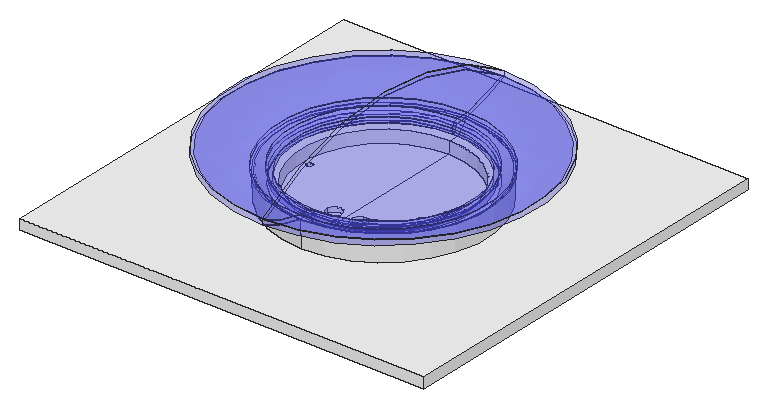
Revit family "BE_24039_de_DE", category Leuchten, Revit 2020
Family settings
  Basisbauteil = Fläche
  Bemaßung runder Anschluss = Durchmesser verwenden
  Teiletyp = Normal
  Beim Laden mit Abzugskörper schneiden = Ja
  Lichtquelle = Ja
  Gemeinsam genutzt = Nein
  Raumberechnungspunkt = Ja
Parameters (values of type "BEGA_24039_Weiß_K4")
  built-in parameter 1150104 = 11.381 (stored number, unit not read)
  Wattage = 147.5 W
  Default Elevation = 0 mm
  built-in parameter 1150113 = 1 (stored number, unit not read)
  built-in parameter 1114218 = 1 (stored number, unit not read)
  Umgebungstemperatur = "25 °C"
  URL = "https://www.bega.com/de/produkt/24039"
  Typenkommentare = "© 2022 BEGA. Wir behalten uns das Recht vor, technische Änderungen ohne vorherige Ankündigung vorzunehmen."  # constant formula
  Type Image = 24039.png
  built-in parameter 1150134 = 12
  built-in parameter 1150109 = 1 (stored number, unit not read)
  Strom = ""
  built-in parameter 1150110 = 1 (stored number, unit not read)
  Spannung = 239.996 V
  Sonderanfertigung = no
  Seriennummer [instance] = "Hier können Sie die eindeutige Seriennummer für das Facility Management eintragen."
  Schutzklasse = "I"
  Schutzart = "IP 65"
  Scheinlast = 0 VA
  Produktdatenblatt = "https://cdn.bega.com/bega/products/24039K3/current/documents/data-sheets/de"
  Oberflächentemperatur = ""
  Neigungswinkel = 0.00°
  Modell = "24039K4"
  Material_17 = BEGA_Reflektor
  Material_15 = BEGA_Leuchtmedium_matt
  Material_11 = BEGA_Glas_opal
  Material_09 = BEGA_Glas_klar
  Material_06 = BEGA_Oberfläche_Edelstahl_gebürstet
  Material_03 = BEGA_Oberfläche_Weiss_matt
  Material_02 = BEGA_Oberfläche_Silber_matt
  Material_01 [instance] = BEGA_Oberfläche_Grafit_matt
  M_W = yes
  M_G = no
  M_A = no
  Logo = 0
  built-in parameter 1114217 = 1 (stored number, unit not read)
  built-in parameter 1150139 = (empty or 0)
  built-in parameter 1150105 = 1437.9 (stored number, unit not read)
  built-in parameter 1150114 = 1 (stored number, unit not read)
  Lumens = 18068.8 lm
  built-in parameter 1150115 = 1 (stored number, unit not read)
  Leuchtenlichtstrom = "1112 lm"
  Leuchtenanzahl = ""
  Lebensdauerkriterien = "L70B50 @ 25 °C = 200000 h"
  Lastklassifizierung = Beleuchtung
  built-in parameter 1150112 = 1 (stored number, unit not read)
  Lampenlichtstrom = "1470 lm"
  Lampe = "LED 7.8 W"
  LED_Modulbezeichnung = "LED-0916/840"
  Hersteller = "BEGA"  # constant formula
  Halbstreuwinkel = ""
  Gewicht = "2.35 kg"
  Gebrauchslageneinschränkung [instance] = ""
  Frequenz = "0/50-60 Hz"
  Farbwiedergabeindex = "CRI > 80"
  Farbtemperaturverschiebung bei Dämpfen der Lampe = <Keine Auswahl>
  Farbtemperatur = "4000 K"
  Color Filter = 16777215
  built-in parameter 1150133 = 10 (stored number, unit not read)
  Energieeffizienzklasse = "LED A++ - A"
  built-in parameter 1150137 = (empty or 0)
  built-in parameter 1150132 = (empty or 0)
  ENEC = "ja"
  Dimmbar [instance] = ""
  Datei für fotometrisches Netz = "BE_24039K4.IES"
  CE_Konformität = "ja"
  Bestellnummer = "24039K4"
  Beschreibung_Sonderanfertigung = "Hier können Sie Informationen zur Sonderanfertigung eintragen."
  Beschreibung = "Decken- und Wandleuchte"
  built-in parameter 1150106 = 14.379 (stored number, unit not read)
  Befestigungsbohrung = "Ø 5,5 mm"
  Befestigungsabstand = "190 mm"
  Ballwurfsicher = ""
  BEGA_Intern_aus = yes
  BEGA_Intern_an = yes
  BEGA_Intern_Konstruktion = yes
  BEGA_Intern = yes
  BEGA_IES = yes
  BEGA_Dummy = no
  Anschlussleitung = ""
  Anschlussleistung [instance] = "9 W"
  built-in parameter 1150107 = 4000 (stored number, unit not read)
  built-in parameter 1150102 = (empty or 0)
  built-in parameter 1150138 = (empty or 0)
  Aktualisierung = "2022-05-18T04:00:07"
  Abstand_zur_angestrahlten_Fläche [instance] = ""
  AC/DC = "AC/DC"
Types (2, lengths in mm): name | built-in parameter 1150104 | Wattage | built-in parameter 1150134 | Modell | built-in parameter 1150105 | Lumens | Leuchtenlichtstrom | Lampenlichtstrom | LED_Modulbezeichnung | Farbtemperatur | Datei für fotometrisches Netz | Bestellnummer | built-in parameter 1150106 | built-in parameter 1150107
  BEGA_24039_Weiß_K3 | 13.703 (stored number, unit not read) | 8 W | (empty or 0) | "24039K3" | 93.901 (stored number, unit not read) | 1180 lm | "1097 lm" | "1450 lm" | "LED-0916/830" | "3000 K" | "BE_24039K3.IES" | "24039K3" | 0.93901 (stored number, unit not read) | 3000 (stored number, unit not read)
  BEGA_24039_Weiß_K4 | 11.381 (stored number, unit not read) | 147.5 W | 12 | "24039K4" | 1437.9 (stored number, unit not read) | 18068.8 lm | "1112 lm" | "1470 lm" | "LED-0916/840" | "4000 K" | "BE_24039K4.IES" | "24039K4" | 14.379 (stored number, unit not read) | 4000 (stored number, unit not read)
Reference planes
  plane 1 "Mitte (Vorne/Hinten)": y = 0
  plane 2: z = 0
  plane 3 "Mitte (Links/Rechts)": x = 0
  plane 4 "Links": x = -150
  plane 5 "Rechts": x = 150
  plane 6 "Unten": y = -150
  plane 7 "Oben": y = 150
  plane 8 "Vorne": z = 94.12
  plane 9 "Hinten": z = 0
Forms (mm)
  Extrusion 1, solid, material "BEGA_Platte_Weiss"
    sketch origin (0, -1119.2, 0) x (1, 0, 0) y (0, 1, 0)
      loop
        line (-200, 1319.2) -> (-200, 919.2) -> (200, 919.2) -> (200, 1319.2) -> (-200, 1319.2)
    from 0 to -10
  Extrusion 2, solid, material "BEGA_Dummy_matt", visible <- "BEGA_Dummy"
    sketch origin (77.149, -76.023, 0) x (1, 0, 0) y (0, 1, 0)
      loop
        circle (-77.149, 76.023) r 150
    from 0 to 94.12
Dimensions and locks
  plane 1 "Mitte (Vorne/Hinten)" to Extrusion 1 = 200 mm
  radius of Extrusion 2 sketch curve = 150 mm
  aligned and locked: plane 2 to Extrusion 1
  aligned and locked: level to Extrusion 1
  aligned and locked: plane 5 "Rechts" to nested 1
  aligned and locked: plane 4 "Links" to nested 1
  aligned and locked: plane 8 "Vorne" to nested 1
  aligned and locked: plane 9 "Hinten" to Extrusion 1
  aligned and locked: nested 1 to Extrusion 2
  aligned and locked: Extrusion 2 to Extrusion 1
  aligned and locked: plane 6 "Unten" to nested 1
  aligned and locked: plane 7 "Oben" to nested 1
Nested families
  nested 1: "BE_24039" at (0, 0, 0), type "BE_24039"
Connectors
  electrical at (0, 0, 0), driven by "Lastklassifizierung", driven by "Spannung", driven by "Scheinlast"
    settings: index 1, voltage 239.996 V, apparent load 0 VA, apparent load phase1 0 VA, apparent load phase2 0 VA, apparent load phase3 0 VA, power factor 1, load classification "Beleuchtung", number of poles 1, system type 31, power factor state 1, is connector primary yes, connector utility no, sub classification motor no, connector description ""
Definition of nested family "BE_24039"
  Parameters (values of type "BE_24039")
    Default Elevation = 1 mm
    URL = "http://www.bega.de/de/produkt"
    Type Comments = "© 2015 BEGA. Wir behalten uns das Recht vor, technische Änderungen ohne vorherige Ankündigung vorzunehmen. "  # constant formula
    Type Image = (empty or 0)
    Neigungswinkel_um_Z2 = 0.00°
    Neigungswinkel_um_Z1 = 0.00°
    Neigungswinkel_um_Y2 = 0.00°
    Neigungswinkel_um_Y1 = 0.00°
    Neigungswinkel_um_X2 = 0.00°
    Neigungswinkel_um_X1 = 0.00°
    Material_17 = none
    Material_15 = none
    Material_11 = none
    Material_09 = none
    Material_06 = none
    Material_03 = none
    Material_02 = none
    Material_01 = none
    M_W = yes
    M_G = yes
    M_A = yes
    Länge_Platte = 200 mm  # constant formula
    Höhe_Platte = -10 mm  # constant formula
    Manufacturer = "BEGA"  # constant formula
    Drehwinkel_um_Z2 = 0.00°
    Drehwinkel_um_Z1 = 0.00°
    Breite_Platte = 200 mm  # constant formula
  Reference planes
    plane 1 "Mitte (Oben/Unten)": y = 0
    plane 2: z = 0
    plane 3 "Mitte (Links/Rechts)": x = 0
    plane 4 "Vorne": z = 94.12
    plane 5 "Hinten": z = -100
    plane 6 "Links": x = -150
    plane 7 "Rechts": x = 150
    plane 8 "Oben": y = 150
    plane 9 "Unten": y = -150
  Forms (mm)
    Extrusion 1, solid, detail levels medium
      sketch origin (0, 0, 0) x (1, 0, 0) y (0, 1, 0)
        loop
          line (-100, 100) -> (-100, -100) -> (100, -100) -> (100, 100) -> (-100, 100)
      from 0 to -10 <- "Höhe_Platte"
    Revolve 2, solid, material <- "Material_11"
      sketch origin (0, 0, 0) x (0, 1, 0) y (0, 0, 1)
        loop
          arc (-150, 42.032) -> (-127.418, 33.186) -> (-104, 26.88) r 220
          line (-104, 26.88) -> (-91.456, 26.551)
          arc (-91.456, 26.551) -> (-90.07, 25.95) -> (-89.5, 24.552) r 2
          line (-89.5, 24.552) -> (-89.5, 19) -> (-85.5, 19) -> (-85.5, 24.56)
          arc (-85.5, 24.56) -> (-87.205, 28.741) -> (-91.343, 30.55) r 6
          line (-91.343, 30.55) -> (-103.529, 30.869)
          arc (-103.529, 30.869) -> (-125.44, 36.747) -> (-146.614, 44.892) r 216
          arc (-146.614, 44.892) -> (-76.693, 78.441) -> (0, 89.963) r 260.999
          line (0, 89.963) -> (0, 93.963)
          arc (0, 93.963) -> (-78.415, 82.095) -> (-149.807, 47.556) r 264.999
          line (-149.807, 47.556) -> (-150, 42.032)
        axis (0, 93.963) -> (0, 19)
      angle from 0 to 360
    Revolve 3, solid, material <- "Material_03"
      sketch origin (0, 0, 0) x (0, 1, 0) y (0, 0, 1)
        loop
          line (-102, 26) -> (-101.555, 0.5) -> (-98.548, 0.5) -> (-97.743, 12) -> (-88.274, 12) -> (-88.047, 5.5) -> (-83.135, 5.5) -> (-82.942, 0) -> (0, 0) -> (0, 4) -> (-80.581, 4) -> (-81, 16) -> (-90.963, 16) -> (-100.935, 26) -> (-102, 26)
        axis (0, 0) -> (0, 26)
      angle from 0 to 360
    Extrusion 4, void
      sketch origin (0, 0, 0) x (1, 0, 0) y (0, 1, 0)
        loop
          circle (-12.5, -45.531) r 7.723
        loop
          circle (12.5, -45.531) r 7.723
      from 0 to 10.161
    Extrusion 5, void
      sketch origin (0, 0, 0) x (1, 0, 0) y (0, 1, 0)
        loop
          circle (73.5, 0) r 2.997
        loop
          circle (-73.5, 0) r 2.997
      from 0 to 8.037
  Cuts and joins
    Extrusion 4, Extrusion 5 cuts Revolve 2
    Extrusion 4, Extrusion 5 cuts Revolve 3
  Dimensions and locks
    equal spacing: Extrusion 1 sketch curve, plane 3 "Mitte (Links/Rechts)", Extrusion 1 sketch curve
    equal spacing: Extrusion 1 sketch curve, plane 1 "Mitte (Oben/Unten)", Extrusion 1 sketch curve
    "Länge_Platte": Extrusion 1 sketch curve to Extrusion 1 sketch curve
    "Breite_Platte": Extrusion 1 sketch curve to Extrusion 1 sketch curve
    aligned and locked: plane 2 to Extrusion 1
    aligned and locked: level to Extrusion 1
  Automatic sketch dimensions
    Revolve 2 sketch curve to plane 1 "Mitte (Oben/Unten)" = 0 mm  (x3)
    plane 1 "Mitte (Oben/Unten)" to Revolve 2 sketch curve = 0 mm
    plane 1 "Mitte (Oben/Unten)" to Revolve 2 sketch curve = 58.589 mm
    Revolve 2 sketch curve to Revolve 2 sketch curve = 0 mm  (x8)
    level to Revolve 2 sketch curve = 19 mm
    plane 1 "Mitte (Oben/Unten)" to Revolve 2 sketch curve = 85.5 mm
    Revolve 2 sketch curve to Revolve 2 sketch curve = 4 mm  (x2)
    level to Revolve 2 sketch curve = 26.551 mm
    Revolve 2 sketch curve to Revolve 2 sketch curve = 1.956 mm
    Revolve 2 sketch curve to Revolve 2 sketch curve = 2 mm  (x2)
    level to Revolve 2 sketch curve = 30.869 mm
    Revolve 2 sketch curve to Revolve 2 sketch curve = 12.074 mm
    level to Revolve 2 sketch curve = 26.88 mm
    Revolve 2 sketch curve to Revolve 2 sketch curve = 0.471 mm
    Revolve 2 sketch curve to Revolve 2 sketch curve = 46.278 mm
    level to Revolve 2 sketch curve = 42.032 mm
    Revolve 2 sketch curve to Revolve 2 sketch curve = 0.193 mm
    Revolve 2 sketch curve to plane 5 "Hinten" = 71.036 mm
    Revolve 2 sketch curve to Revolve 2 sketch curve = 5.56 mm
    Revolve 2 sketch curve to Revolve 2 sketch curve = 5.524 mm
    Revolve 2 sketch curve to Revolve 2 sketch curve = 0.113 mm
    level to Revolve 2 sketch curve = 30.55 mm
    Revolve 2 sketch curve to Revolve 2 sketch curve = 22.88 mm
    Revolve 2 sketch curve to Revolve 2 sketch curve = 10 mm
    Revolve 3 sketch curve to plane 1 "Mitte (Oben/Unten)" = 0 mm  (x2)
    Revolve 3 sketch curve to level = 0 mm
    level to Revolve 3 sketch curve = 4 mm
    plane 1 "Mitte (Oben/Unten)" to Revolve 3 sketch curve = 80.581 mm
    level to Revolve 3 sketch curve = 16 mm
    Revolve 3 sketch curve to Revolve 3 sketch curve = 0.419 mm
    Revolve 3 sketch curve to Revolve 3 sketch curve = 2.361 mm
    level to Revolve 3 sketch curve = 5.5 mm
    Revolve 3 sketch curve to Revolve 3 sketch curve = 2.554 mm
    Revolve 3 sketch curve to Revolve 3 sketch curve = 4.912 mm
    level to Revolve 3 sketch curve = 12 mm
    Revolve 3 sketch curve to Revolve 3 sketch curve = 0.227 mm
    Revolve 3 sketch curve to Revolve 3 sketch curve = 2.688 mm
    Revolve 3 sketch curve to Revolve 3 sketch curve = 6.781 mm
    level to Revolve 3 sketch curve = 0.5 mm
    Revolve 3 sketch curve to Revolve 3 sketch curve = 0.804 mm
    level to Revolve 3 sketch curve = 26 mm
    Revolve 3 sketch curve to Revolve 3 sketch curve = 9.973 mm
    Revolve 3 sketch curve to Revolve 3 sketch curve = 3.007 mm
    Revolve 3 sketch curve to Revolve 3 sketch curve = 1.065 mm
    Revolve 3 sketch curve to Revolve 3 sketch curve = 18.252 mm
    Revolve 3 sketch curve to Revolve 3 sketch curve = 30 mm
    Extrusion 4 sketch curve to plane 3 "Mitte (Links/Rechts)" = 12.5 mm
    plane 3 "Mitte (Links/Rechts)" to Extrusion 4 sketch curve = 12.5 mm
    plane 1 "Mitte (Oben/Unten)" to Extrusion 4 sketch curve = 45.531 mm
    Extrusion 4 sketch curve to Extrusion 4 sketch curve = 0 mm
    radius of Extrusion 4 sketch curve = 7.723 mm  (x2)
